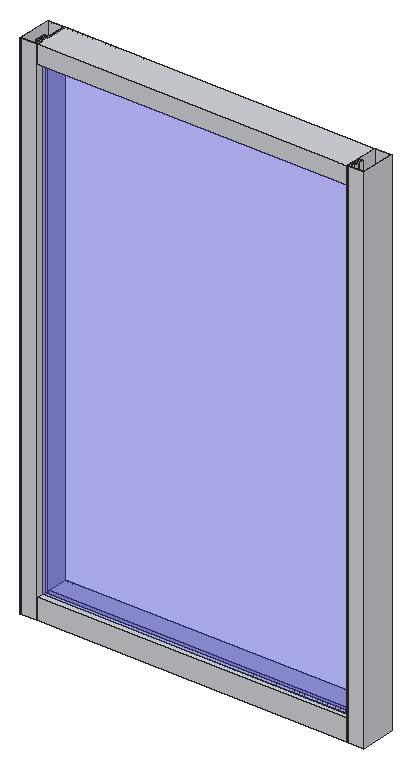
Revit family "Hunter Evo 101.6mm Double Flush Glazed Framing", category Windows, host Wall, Revit 2021
Family settings
  Host = Wall
  OmniClass Number = 23.30.20.00
  OmniClass Title = Windows
  Always vertical = Yes
  Cut with Voids When Loaded = No
  Shared = No
  Room Calculation Point = No
Parameters
  Single Glazed [instance] = yes
  Rough Width = 0 mm  # constant formula
  Rough Height = 0 mm  # constant formula
  Height [instance] = 1500 mm
  Double Glazed [instance] = not(Single Glazed)  # no
  Default Sill Height = 800 mm
  Wall Closure = By host
  Width [instance] = 1000 mm
Reference planes
  plane 1 "Center (Front/Back)": y = 0
  plane 2 "Center (Left/Right)": x = 0
  plane 3 "Left": x = -500
  plane 4 "Right": x = 500
  plane 5 "Sill": z = 800
  plane 6 "Head": z = 2300
  plane 7 "Exterior": y = 100
  plane 8 "Interior": y = -100
Lines and regions (mm)
  Opening 1
    outline origin (3500, -100, 0) x (1, 0, 0) y (0, 0, 1)
      loop
        line (-3000, 800) -> (-3000, 2300) -> (-4000, 2300) -> (-4000, 800) -> (-3000, 800)
Text (mm)
  text "Exterior" at (-1963.203, 1332.353, 0), in view "Ref. Level"
  text "Interior" at (-1981.466, -818.386, 0), in view "Ref. Level"
  text "Exterior" at (0, 923.751, 2943.296), in view "Right"
  text "Exterior" at (0, 1040.484, 2685.409), in view "Left"
Dimensions and locks
  equal spacing: plane 3 "Left", plane 2 "Center (Left/Right)", plane 4 "Right"
  "Width": plane 3 "Left" to plane 4 "Right"
  "Height": plane 5 "Sill" to plane 6 "Head"
  "Default Sill Height": plane 5 "Sill" to level
  locked: plane 7 "Exterior" to host wall
  locked: plane 8 "Interior" to host wall
  aligned and locked: nested 1 to plane 3 "Left"
  aligned and locked: nested 1 to plane 4 "Right"
  aligned and locked: host wall to nested 1
  aligned and locked: nested 1 to plane 6 "Head"
  aligned and locked: nested 1 to plane 5 "Sill"
Automatic sketch dimensions
  Opening 1 sketch curve to plane 3 "Left" = 0 mm
  Opening 1 sketch curve to plane 4 "Right" = 0 mm
  Opening 1 sketch curve to plane 5 "Sill" = 0 mm
  Opening 1 sketch curve to plane 6 "Head" = 0 mm
Nested families
  nested 1: "Hunter Evo 101.6mm Double Flush Glazed Framing" at (0, -0.979, 1002.904), type "Hunter Evo 101.6mm Double Flush Glazed Framing"
    with Width 1000 mm, Overall Thickness Control 24 mm, Height 1500 mm, Glass Glass, Frame Material none, Double Glazing Thickness 24 mm, Air Gap Control 12 mm, Air Gap 12 mm
Definition of nested family "Hunter Evo 101.6mm Double Flush Glazed Framing"
  Parameters (values of type "Hunter Evo 101.6mm Double Flush Glazed Framing")
    Width [instance] = 750 mm
    URL = "https://www.alspec.com.au/derwent-76mm-centre-pocket-framing"
    Overall Thickness Control [instance] = if(Double Glazing Thickness > 30 mm, 30 mm, if(Double Glazing Thickness < 15 mm, 15 mm, Double Glazing Thickness))  # 24 mm
    Manufacturer = "ALSPEC"
    Jamb Width = 50 mm  # constant formula
    Height [instance] = 1500 mm
    Glass [instance] = none
    Frame Material [instance] = none
    Double Glazing Thickness [instance] = 24 mm
    Designer = "Viraj Mhatre"
    Default Elevation = 0 mm
    Air Gap Control [instance] = if(Air Gap > 12 mm, 12 mm, if(Air Gap < 6 mm, 6 mm, Air Gap))  # 12 mm
    Air Gap [instance] = 12 mm
  Reference planes
    plane 1 "Center (Front/Back)": y = 0.979
    plane 2: z = 368.682
    plane 3 "Center (Left/Right)": x = 0
    plane 4 "Head Top": z = 1297.096
    plane 5 "Sill Bottom": z = -202.904
    plane 6: x = -375
    plane 7: x = 375
    plane 8: y = 12.979
    plane 9: y = 6.979
    plane 10: y = -5.021
    plane 11: y = -11.021
    plane 12: x = -325
    plane 13: x = 325
  Forms (mm)
    Extrusion 1, solid, material <- "Glass"
      sketch origin (0, 0, 0) x (0, 1, 0) y (0, 0, 1)
        loop
          line (12.979, 1259.096) -> (6.979, 1259.096) -> (6.979, -154.414) -> (12.979, -154.414) -> (12.979, 1259.096)
        loop
          line (-5.021, 1259.096) -> (-11.021, 1259.096) -> (-11.021, -154.414) -> (-5.021, -154.414) -> (-5.021, 1259.096)
      from -337 to 337
    Sweep 2, solid, material <- "Frame Material"
      path origin (0, 0, 368.682) x (1, 0, 0) y (0, 1, 0)
        loop
          line (-337, 12.919) -> (-325, 12.919) -> (-325, 74.856) -> (-375, 74.856) -> (-375, -26.744) -> (-325, -26.744) -> (-325, -10.96) -> (-337, -10.96) -> (-337, -5.044) -> (-328.523, -5.044) -> (-328.523, 6.956) -> (-337, 6.956) -> (-337, 12.919)
      profile origin (-337, 9.937, 368.682) x (1, 0, 0) y (0, 0, 1)
        loop
          line (0, -571.586) -> (0, 928.414) -> (-2, 928.414) -> (-2, -571.586) -> (0, -571.586)
    Sweep 3, solid, material <- "Frame Material"
      path origin (0, 0, 368.682) x (1, 0, 0) y (0, 1, 0)
        loop
          line (337, 12.919) -> (337, 6.956) -> (328.523, 6.956) -> (328.523, -5.044) -> (337, -5.044) -> (337, -10.96) -> (325, -10.96) -> (325, -26.744) -> (375, -26.744) -> (375, 74.856) -> (325, 74.856) -> (325, 12.919) -> (337, 12.919)
      profile origin (337, 9.937, 368.682) x (1, 0, 0) y (0, 0, 1)
        loop
          line (0, -571.586) -> (2, -571.586) -> (2, 928.414) -> (0, 928.414) -> (0, -571.586)
    Sweep 4, solid, material <- "Frame Material"
      path origin (0, 0, 0) x (0, 1, 0) y (0, 0, 1)
        loop
          line (12.919, -154.414) -> (6.956, -154.414) -> (6.956, -145.897) -> (-5.044, -145.897) -> (-5.044, -154.414) -> (-10.96, -154.414) -> (-10.96, -142.41) -> (-26.391, -142.41) -> (-26.391, -202.904) -> (78.003, -202.904) -> (78.003, -172.904) -> (74.546, -172.904) -> (74.546, -142.404) -> (12.919, -142.404) -> (12.919, -154.414)
      profile origin (0, 9.937, -154.414) x (0, 0, -1) y (1, 0, 0)
        loop
          line (0, -325) -> (2, -325) -> (2, 325) -> (0, 325) -> (0, -325)
    Sweep 5, solid, material <- "Frame Material"
      path origin (0, 0, 0) x (0, 1, 0) y (0, 0, 1)
        loop
          line (74.856, 1297.096) -> (-26.744, 1297.096) -> (-26.744, 1247.096) -> (-10.96, 1247.096) -> (-10.96, 1259.096) -> (-5.044, 1259.096) -> (-5.044, 1250.619) -> (6.956, 1250.619) -> (6.956, 1259.096) -> (12.919, 1259.096) -> (12.919, 1247.096) -> (74.856, 1247.096) -> (74.856, 1297.096)
      profile origin (0, 74.856, 1272.096) x (1, 0, 0) y (0, 1, 0)
        loop
          line (-325, 0) -> (-325, -2) -> (325, -2) -> (325, 0) -> (-325, 0)
  Dimensions and locks
    "Height": plane 4 "Head Top" to plane 5 "Sill Bottom"
    equal spacing: plane 6, plane 3 "Center (Left/Right)", plane 7
    "Width": plane 6 to plane 7
    equal spacing: plane 8, plane 1 "Center (Front/Back)", plane 11
    "Overall Thickness Control": plane 8 to plane 11
    "Air Gap Control": plane 9 to plane 10
    equal spacing: plane 9, plane 1 "Center (Front/Back)", plane 10
    locked: Extrusion 1 sketch curve to Extrusion 1 sketch curve  (x2)
    "Jamb Width": plane 6 to plane 12
    "Jamb Width": plane 13 to plane 7
    aligned and locked: level to plane 2
    aligned and locked: plane 8 to Extrusion 1 sketch curve
    aligned and locked: Extrusion 1 sketch curve to plane 9
    aligned and locked: plane 10 to Extrusion 1 sketch curve
    aligned and locked: Extrusion 1 sketch curve to plane 11
    aligned and locked: plane 1 "Center (Front/Back)" to import instance  (x2)
    aligned and locked: import instance to plane 6
    aligned and locked: import instance to plane 1 "Center (Front/Back)"  (x2)
    aligned and locked: import instance to plane 7
    aligned and locked: import instance to plane 4 "Head Top"
    aligned and locked: plane 5 "Sill Bottom" to import instance
    aligned and locked: import instance to Sweep 2 sketch curve
    aligned and locked: Sweep 2 sketch curve to import instance  (x10)
    aligned and locked: import instance to Sweep 3 sketch curve
    aligned and locked: Sweep 3 sketch curve to import instance  (x10)
    aligned and locked: import instance to Sweep 4 sketch curve
    aligned and locked: Sweep 4 sketch curve to import instance  (x12)
    aligned and locked: Sweep 5 sketch curve to import instance  (x9)
    aligned and locked: import instance to Sweep 5 sketch curve
    aligned and locked: plane 4 "Head Top" to Sweep 3 sketch curve
    aligned and locked: Sweep 3 sketch curve to plane 5 "Sill Bottom"
    aligned and locked: Sweep 2 sketch curve to plane 4 "Head Top"
    aligned and locked: Sweep 4 sketch curve to plane 13
    aligned and locked: plane 12 to Sweep 4 sketch curve
    aligned and locked: plane 13 to Sweep 5 sketch curve
    aligned and locked: Sweep 5 sketch curve to plane 12
    aligned and locked: Extrusion 1 to Sweep 2
    aligned and locked: Extrusion 1 to Sweep 3
    aligned and locked: Extrusion 1 to Sweep 5
    aligned and locked: Sweep 4 to Extrusion 1
    aligned and locked: Sweep 2 sketch curve to plane 5 "Sill Bottom"
  Automatic sketch dimensions
    plane 5 "Sill Bottom" to Extrusion 1 sketch curve = 48.49 mm
    Extrusion 1 sketch curve to plane 4 "Head Top" = 38 mm
    Sweep 2 sketch curve to Sweep 2 sketch curve = 0 mm
    Sweep 3 sketch curve to Sweep 3 sketch curve = 0 mm
    profile plane to Sweep 3 sketch curve = 0 mm
    Sweep 3 sketch curve to profile plane = 2 mm
    Sweep 4 sketch curve to Sweep 4 sketch curve = 0 mm
    Sweep 4 sketch curve to profile plane = 0 mm
    Sweep 4 sketch curve to profile plane = 2 mm
    Sweep 5 sketch curve to Sweep 5 sketch curve = 3.523 mm
    Sweep 5 sketch curve to Sweep 5 sketch curve = 0 mm
    profile plane to Sweep 5 sketch curve = 0 mm
    profile plane to Sweep 5 sketch curve = 2 mm
    profile plane to Sweep 2 sketch curve = 0 mm
    profile plane to Sweep 2 sketch curve = 2 mm
